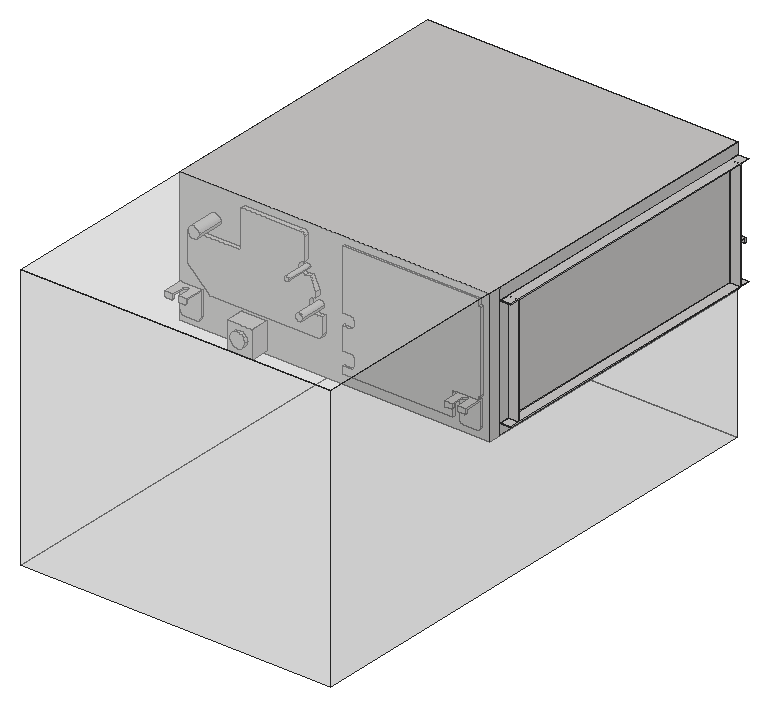
Revit family "outputfile", category 機械設備, Revit 2024
Family settings
  丸型コネクタ寸法 = 半径を使用
  パーツ タイプ = 標準
  OmniClass 番号 = 23.75.10.24.21.27.27
  OmniClass タイトル = Split System Air Conditioning Units
  作業面ベース = いいえ
  常に垂直 = はい
  ロード時にボイドで切り取り = いいえ
  注釈の向きを維持 = いいえ
  共有 = いいえ
  部屋計算ポイント = はい
Parameters (values of type "FXMQ80BFV24")
  Description = ""
  製造元 = "Daikin"
  書き出し IFC クラス(タイプ) = "IfcUnitaryEquipmentType"
  定義済み IFC タイプ(タイプ) = "AIRCONDITIONINGUNIT"
  Cost = 0
  モデル = "FXMQ80BFV24"
  Type Comments = ""
  Keynote = ""
  Type Image = (empty or 0)
  Assembly Code = ""
  w_dischargeflange = 505.0 mm
  w_suctionflange = 670.0 mm
  r_Liquid Pipe Size = Liquid Pipe Size / 2  # 4.75 mm
  r_Gas Pipe Size = Gas Pipe Size / 2  # 7.95 mm
  r_Drain Pipe Size = Drain Pipe Size / 2  # 12.5 mm
  lw_powersupply = 380.0 mm  # constant formula
  lw_mountinghole_pitch = 631.0 mm  # constant formula
  lw_mountinghole = 27.0 mm  # constant formula
  lw_maintenacesocket = 169.0 mm  # constant formula
  lw_liquidpipe = 290.0 mm  # constant formula
  lw_gaspipe = 318.0 mm  # constant formula
  lw_drainpipe = 80.0 mm  # constant formula
  lh_dischargeflange = 165.0 mm  # constant formula
  lh_powersupply = 56.0 mm  # constant formula
  lh_maintenacesocket = 40.0 mm  # constant formula
  lh_liquidpipe = 212.0 mm  # constant formula
  lh_gaspipe = 144.0 mm  # constant formula
  lh_drainpipe = 232.0 mm  # constant formula
  lh_suctionflange = 150.0 mm  # constant formula
  lh_antena = Height - lh_mountinghole + 1.0 mm  # 221.0 mm
  ld_dischargeflange = 285.0 mm
  ld_powersupply = Depth / 2  # 350.0 mm
  ld_mountinghole_pitch = 738.0 mm
  ld_suctionflange = 363.0 mm
  h_dischargeflange = 265.0 mm  # constant formula
  lh_mountinghole = 80.0 mm  # constant formula
  h_mountinghole = [h***] + lh_mountinghole  # 80.0 mm
  h_suctionflange = 297.0 mm  # constant formula
  h*** = 0.0 mm  # constant formula
  d_dischargeflange = 25.0 mm  # constant formula
  d_pipe = 60.0 mm
  d_suctionflange = 25.0 mm  # constant formula
  Width = 700.0 mm
  Voltage_comment_50Hz = "220-240"
  Voltage_50Hz = 230 V
  Version = "ver.1.0"
  Unit Type = "Outdoor Air Processing Unit"
  Unit Mass Weight = 28.00 kg
  Unit Designation [instance] = ""
  Uniclass2015Version = "Products v1.30"
  Uniclass2015Title = "Variable refrigerant flow units"
  Uniclass2015Code = "Pr_70_65_03_94"
  URL = ""
  Total Cooling Capacity [instance] = 0.000 kW
  Supply Air Direction [instance] = yes
  Sound Pressure Level_M speed (dBA) = 30
  Sound Pressure Level_L speed (dBA) = 23
  Sound Pressure Level_H speed (dBA) = 37.5
  Sound Power Level_H speed (dB) = 0
  Series = "VRV Fan Coil Unit"
  Sensible Cooling Capacity [instance] = 0.000 kW
  SA Duct Size Width = 460.0 mm
  SA Duct Size Height = 215.0 mm
  Refrigerant Type = "R410A"
  Power Input (Cooling) = 0.080 kW
  Phase_50Hz = 1
  Option Accessory 3 [instance] = ""
  Option Accessory 2 [instance] = ""
  Option Accessory 1 [instance] = ""
  OA Duct Size Width = 625.0 mm
  OA Duct Size Height = 247.0 mm
  Nominal Cooling Capacity = 9.000 kW
  Minimum External Static Pressure = 50.00 Pa
  Minimum Circuit Amps_50Hz = 1.38 A
  Minimum Airflow = 348.00 m³/h
  Median Airflow = 516.00 m³/h
  Maximum Fuse Amps_50Hz = 16.0 A
  Maximum External Static Pressure = 200.00 Pa
  Maximum Airflow = 690.00 m³/h
  Material_Casing = DAIKIN_GalvanizedSteel_Casing_indoorunit
  Load Classification = HVAC
  Liquid Pipe Size = 9.5 mm
  Link_Nested Family [instance] = ""
  IfcVersion = "0"
  IfcExportType = "AIRCONDITIONINGUNIT"
  IfcExportAs = "IfcUnitaryEquipmentType"
  Height = 300.0 mm
  Heat Exchanger Type = "Cross Fin Coil"
  Gas Pipe Size = 15.9 mm
  Frequency_50Hz = 50 Hz
  Fan Type = "Sirocco Fan"
  Fan Drive = "Direct Drive"
  FCU Tag No. [instance] = ""
  Drain Pipe Size = 25.0 mm
  Design Supply Airflow [instance] = 0.00 m³/h
  Design Outdoor Airflow [instance] = 0.00 m³/h
  Design External Static Pressure [instance] = 0.00 Pa
  Depth = 700.0 mm
  既定の高さ = 0.0 mm
  Cooling Entering Wet Bulb Temperature [instance] = 0.00 °C
  Cooling Entering Dry Bulb Temperature [instance] = 0.00 °C
  Cooling Ambient Wet Bulb Temperature [instance] = 0.00 °C
  Cooling Ambient Dry Bulb Temperature [instance] = 0.00 °C
  Clearance visibility [instance] = yes
  Clearance Top = 0.0 mm
  Clearance Right = 0.0 mm
  Clearance Rear = 0.0 mm
  Clearance Left = 0.0 mm
  Clearance Front = 450.0 mm
  Clearance Bottom = 300.0 mm
Reference planes
  plane 1 "Center (Front/Back)": y = 0
  plane 2: z = 0
  plane 3 "Center (Left/Right)": x = 0
  plane 4 "Back": y = 350
  plane 5 "Front": y = -350
  plane 6 "Left": x = -350
  plane 7 "Right": x = 350
  plane 8 "Top": z = 0
  plane 9 "Bottom": z = -300
  plane 10: y = 350
  plane 11: y = -800
  plane 12: x = 350
  plane 13: x = -350
  plane 14: z = 0
  plane 15: z = -600
  plane 16: y = -356
  plane 17: y = -360
  plane 18: y = -391
  plane 19: y = -399
  plane 20: y = -410
  plane 21 "ld_drainpipe": x = -270
  plane 22 "ld_liquidpipe": x = -60
  plane 23 "ld_gaspipe": x = -32
  plane 24 "lh_gaspipe": z = -156
  plane 25 "lh_drainpipe": z = -68
  plane 26 "lh_liquidpipe": z = -88
  plane 27 "h_mountinghole": z = -220
  plane 28: x = -323
  plane 29: x = 308
  plane 30: y = 369
  plane 31: y = -369
  plane 32 "lh_powersuply": z = -244
  plane 33 "ld_powersupply": x = 30
  plane 34 "lh_suctionflange": z = -150
  plane 35 "ld_suctionflange": y = 13
  plane 36 "ld_dischargeflange": y = 65
  plane 37 "lh_dischargeflange": z = -135
  plane 38 "lh_maintenacesocket": z = -260
  plane 39 "lw_maintenacesocket": x = -181
Forms (mm)
  Extrusion 1, solid, material "DAIKIN_GalvanizedSteel_Casing_indoorunit" <- "Material_Casing"
    sketch origin (0, 0, 0) x (1, 0, 0) y (0, 0, 1)
      loop
        line (-350, 0) -> (-350, -300) -> (350, -300) -> (350, 0) -> (-350, 0)
    from -350 to 350
  Extrusion 2, solid, material "DAIKIN_GalvanizedSteel_Casing_indoorunit" <- "Material_Casing"
    sketch origin (0, 0, 0) x (1, 0, 0) y (0, 0, 1)
      loop
        line (23.104, -151.299) -> (41.1, -151.326)
        arc (41.1, -151.326) -> (46.767, -153.673) -> (49.114, -159.34) r 8.015
        line (49.114, -159.34) -> (49.104, -169.302)
        arc (49.104, -169.302) -> (46.761, -174.959) -> (41.104, -177.302) r 8
        line (41.104, -177.302) -> (23.104, -177.302) -> (23.104, -227.302) -> (41.104, -227.302)
        arc (41.104, -227.302) -> (46.761, -229.645) -> (49.104, -235.302) r 8
        line (49.104, -235.302) -> (49.104, -251.302)
        arc (49.104, -251.302) -> (46.761, -256.959) -> (41.104, -259.302) r 8
        line (41.104, -259.302) -> (23.104, -259.302) -> (23.104, -274.802) -> (271.104, -274.802) -> (271.104, -224.802)
        arc (271.104, -224.802) -> (272.568, -221.266) -> (276.104, -219.802) r 5
        line (276.104, -219.802) -> (327.104, -219.802)
        spline (327.104, -219.802) -> (327.496, -219.776) -> (327.88, -219.7) -> (328.252, -219.574) -> (328.604, -219.4) -> (328.93, -219.182) -> (329.225, -218.923) -> (329.484, -218.628) -> (329.702, -218.302) -> (329.876, -217.95) -> (330.002, -217.578) -> (330.078, -217.194) -> (330.104, -216.802)
        line (330.104, -216.802) -> (330.104, -213) -> (332, -213)
        arc (332, -213) -> (334.121, -212.121) -> (335, -210) r 3
        line (335, -210) -> (335, -32)
        arc (335, -32) -> (334.121, -29.879) -> (332, -29) r 3
        line (332, -29) -> (330.104, -29) -> (330.104, -15.8) -> (23.104, -15.8) -> (23.104, -151.299)
    from 350 to 356
  Extrusion 3, solid, material "DAIKIN_GalvanizedSteel_Casing_indoorunit" <- "Material_Casing"
    sketch origin (0, 0, 0) x (1, 0, 0) y (0, 0, 1)
      loop
        line (-70, -15.8) -> (-201, -15.8)
        arc (-201, -15.8) -> (-203.121, -16.679) -> (-204, -18.8) r 3
        line (-204, -18.8) -> (-204, -102) -> (-321, -102)
        arc (-321, -102) -> (-323.121, -102.879) -> (-324, -105) r 3
        line (-324, -105) -> (-324, -167.757)
        arc (-324, -167.757) -> (-323.772, -168.905) -> (-323.121, -169.879) r 3
        line (-323.121, -169.879) -> (-274.879, -218.121)
        arc (-274.879, -218.121) -> (-273.905, -218.772) -> (-272.757, -219) r 3
        line (-272.757, -219) -> (-30, -219)
        arc (-30, -219) -> (-22.929, -216.071) -> (-20, -209) r 10
        line (-20, -209) -> (-20, -172.5) -> (-26.169, -172.5)
        arc (-26.169, -172.5) -> (-49.051, -159.94) -> (-34, -138.615) r 17.5
        line (-34, -138.615) -> (-34, -127.5) -> (-47, -100.5) -> (-56.429, -100.5)
        arc (-56.429, -100.5) -> (-72.874, -89.803) -> (-60, -75) r 13
        line (-60, -75) -> (-60, -25.8)
        arc (-60, -25.8) -> (-62.929, -18.729) -> (-70, -15.8) r 10
    from 360 to 350
  Extrusion 4, solid, material "DAIKIN_GalvanizedSteel_Casing_indoorunit" <- "Material_Casing"
    sketch origin (0, 0, 0) x (1, 0, 0) y (0, 0, 1)
      loop
        line (-209.102, -232.7) -> (-209.102, -292.398) -> (-152.898, -292.398) -> (-152.898, -232.7)
        arc (-152.898, -232.7) -> (-153.133, -232.133) -> (-153.7, -231.898) r 0.802
        line (-153.7, -231.898) -> (-208.298, -231.898)
        arc (-208.298, -231.898) -> (-208.865, -232.133) -> (-209.102, -232.7) r 0.802
    from 350 to 391
  Extrusion 5, solid, material "DAIKIN_GalvanizedSteel_Casing_indoorunit" <- "Material_Casing"
    sketch origin (0, 0, 0) x (1, 0, 0) y (0, 0, 1)
      loop
        circle (-181, -260) r 16.5
    from 391 to 399
  Extrusion 6, solid, material "DAIKIN_GalvanizedSteel_Casing_indoorunit" <- "Material_Casing"
    sketch origin (0, 0, 0) x (1, 0, 0) y (0, 0, 1)
      loop
        circle (-270, -68) r 12.5
      loop
        circle (-60, -88) r 4.75
      loop
        circle (-32, -156) r 7.95
    from 350 to 410
Dimensions and locks
  "Height": plane 8 "Top" to plane 9 "Bottom"
  equal spacing: plane 6 "Left", plane 3 "Center (Left/Right)", plane 7 "Right", locked at 350 each
  "Width": plane 6 "Left" to plane 7 "Right"
  equal spacing: plane 4 "Back", plane 1 "Center (Front/Back)", plane 5 "Front"
  "Depth": plane 4 "Back" to plane 5 "Front"
  "Clearance Left": plane 13 to plane 6 "Left"
  "Clearance Right": plane 7 "Right" to plane 12
  "Clearance Rear": plane 10 to plane 4 "Back"
  "Clearance Front": plane 5 "Front" to plane 11
  "Clearance Top": plane 14 to plane 8 "Top"
  "Clearance Bottom": plane 9 "Bottom" to plane 15
  Extrusion 2 sketch curve to Extrusion 2 sketch curve to Extrusion 2 sketch curve = 307.0 mm locked, 4.896 mm locked
  Extrusion 2 sketch curve to Extrusion 2 sketch curve to Extrusion 2 sketch curve to Extrusion 2 sketch curve to Extrusion 2 sketch curve = 26.0 mm locked, 222.0 mm locked, 59.0 mm locked, 4.896 mm locked
  locked: Extrusion 2 sketch curve to Extrusion 2 sketch curve at 26.01
  locked: Extrusion 2 sketch curve to nested 1 at 23.104
  locked: Extrusion 2 sketch curve to plane 3 "Center (Left/Right)" at 23.104
  plane 3 "Center (Left/Right)" to Extrusion 2 sketch curve = 23.104 mm
  Extrusion 2 sketch curve to Extrusion 2 sketch curve to Extrusion 2 sketch curve to Extrusion 2 sketch curve to Extrusion 2 sketch curve = 161.502 mm locked, 50.0 mm locked, 32.0 mm locked, 15.5 mm locked
  locked: Extrusion 2 sketch curve to Extrusion 2 sketch curve at 68.127
  locked: Extrusion 2 sketch curve to Extrusion 2 sketch curve at 13.2
  locked: Extrusion 2 sketch curve to Extrusion 2 sketch curve at 6.802
  locked: Extrusion 2 sketch curve to Extrusion 2 sketch curve at 55
  locked: plane 5 "Front" to plane 16 at 6
  locked: plane 5 "Front" to plane 17 at 10
  locked: plane 5 "Front" to plane 18 at 41
  "d_pipe": plane 5 "Front" to plane 20
  "lw_drainpipe": plane 6 "Left" to plane 21 "ld_drainpipe"
  "lw_liquidpipe": plane 6 "Left" to plane 22 "ld_liquidpipe"
  "lw_gaspipe": plane 6 "Left" to plane 23 "ld_gaspipe"
  "lh_gaspipe": plane 24 "lh_gaspipe" to plane 9 "Bottom"
  "lh_liquidpipe": plane 26 "lh_liquidpipe" to plane 9 "Bottom"
  "lh_drainpipe": plane 25 "lh_drainpipe" to plane 9 "Bottom"
  "lh_mountinghole": plane 27 "h_mountinghole" to plane 9 "Bottom"
  "lw_mountinghole": plane 6 "Left" to plane 28
  "lw_mountinghole_pitch": plane 28 to plane 29
  equal spacing: plane 30, plane 1 "Center (Front/Back)", plane 31
  "ld_mountinghole_pitch": plane 30 to plane 31
  locked: Extrusion 3 sketch curve to plane 6 "Left" at 146
  locked: Extrusion 3 sketch curve to plane 6 "Left" at 290
  locked: plane 6 "Left" to Extrusion 3 sketch curve at 26
  locked: Extrusion 3 sketch curve to plane 6 "Left" at 316
  locked: Extrusion 3 sketch curve to plane 6 "Left" at 330
  locked: Extrusion 3 sketch curve to plane 9 "Bottom" at 81
  locked: Extrusion 3 sketch curve to plane 9 "Bottom" at 284.2
  locked: Extrusion 3 sketch curve to plane 9 "Bottom" at 199.5
  locked: Extrusion 3 sketch curve to plane 9 "Bottom" at 127.5
  locked: Extrusion 3 sketch curve to plane 9 "Bottom" at 198
  "lh_powersupply": plane 32 "lh_powersuply" to plane 9 "Bottom"
  "lw_powersupply": plane 6 "Left" to plane 33 "ld_powersupply"
  "lh_suctionflange": plane 34 "lh_suctionflange" to plane 9 "Bottom"
  "ld_suctionflange": plane 35 "ld_suctionflange" to plane 5 "Front"
  "ld_dischargeflange": plane 4 "Back" to plane 36 "ld_dischargeflange"
  "lh_dischargeflange": plane 37 "lh_dischargeflange" to plane 9 "Bottom"
  locked: plane 5 "Front" to plane 19 at 49
  "lh_maintenacesocket": plane 38 "lh_maintenacesocket" to plane 9 "Bottom"
  "lw_maintenacesocket": plane 6 "Left" to plane 39 "lw_maintenacesocket"
  equal spacing: Extrusion 4 sketch curve, plane 39 "lw_maintenacesocket", Extrusion 4 sketch curve
  locked: Extrusion 4 sketch curve to Extrusion 4 sketch curve at 56.204
  Extrusion 4 sketch curve to plane 38 "lh_maintenacesocket" to Extrusion 4 sketch curve = 28.102 mm locked, 32.398 mm locked
  "r_Drain Pipe Size": radius of Extrusion 6 sketch curve
  "r_Liquid Pipe Size": radius of Extrusion 6 sketch curve
  "r_Gas Pipe Size": radius of Extrusion 6 sketch curve
  aligned and locked: level to plane 2
  aligned and locked: Extrusion 1 sketch curve to plane 8 "Top"
  aligned and locked: plane 6 "Left" to Extrusion 1 sketch curve
  aligned and locked: plane 9 "Bottom" to Extrusion 1 sketch curve
  aligned and locked: Extrusion 1 sketch curve to plane 7 "Right"
  aligned and locked: plane 4 "Back" to Extrusion 1
  aligned and locked: Extrusion 1 to plane 5 "Front"
  aligned and locked: plane 10 to nested 1
  aligned and locked: plane 11 to nested 1
  aligned and locked: plane 12 to nested 1
  aligned and locked: nested 1 to plane 13
  aligned and locked: plane 15 to nested 1
  aligned and locked: plane 14 to nested 1
  aligned and locked: Extrusion 2 to plane 16
  aligned and locked: plane 5 "Front" to Extrusion 2
  aligned and locked: Extrusion 4 to plane 18
  aligned and locked: plane 5 "Front" to Extrusion 4
  aligned and locked: Extrusion 5 to plane 19
  aligned and locked: plane 18 to Extrusion 5
  aligned and locked: plane 25 "lh_drainpipe" to Extrusion 6 sketch curve
  aligned and locked: plane 21 "ld_drainpipe" to Extrusion 6 sketch curve
  aligned and locked: plane 26 "lh_liquidpipe" to Extrusion 6 sketch curve
  aligned and locked: plane 22 "ld_liquidpipe" to Extrusion 6 sketch curve
  aligned and locked: plane 23 "ld_gaspipe" to Extrusion 6 sketch curve
  aligned and locked: plane 24 "lh_gaspipe" to Extrusion 6 sketch curve
  aligned and locked: Extrusion 6 to plane 20
  aligned and locked: plane 5 "Front" to Extrusion 6
  aligned and locked: nested 2 to plane 5 "Front"
  aligned and locked: nested 2 to plane 21 "ld_drainpipe"
  aligned and locked: plane 25 "lh_drainpipe" to nested 2
  aligned and locked: nested 3 to plane 5 "Front"
  aligned and locked: nested 4 to plane 5 "Front"
  aligned and locked: plane 26 "lh_liquidpipe" to nested 3
  aligned and locked: plane 24 "lh_gaspipe" to nested 4
  aligned and locked: plane 29 to nested 5
  aligned and locked: plane 4 "Back" to nested 5
  aligned and locked: plane 27 "h_mountinghole" to nested 5
  aligned and locked: plane 28 to nested 6
  aligned and locked: plane 4 "Back" to nested 6
  aligned and locked: plane 27 "h_mountinghole" to nested 6
  aligned and locked: nested 7 to plane 29
  aligned and locked: plane 5 "Front" to nested 7
  aligned and locked: plane 5 "Front" to nested 8
  aligned and locked: nested 8 to plane 28
  aligned and locked: nested 7 to plane 27 "h_mountinghole"
  aligned and locked: nested 8 to plane 27 "h_mountinghole"
  aligned and locked: Extrusion 3 to plane 17
  aligned and locked: plane 5 "Front" to Extrusion 3
  aligned and locked: nested 11 to plane 28
  aligned and locked: nested 11 to plane 30
  aligned and locked: nested 12 to plane 29
  aligned and locked: nested 12 to plane 30
  aligned and locked: nested 9 to plane 29
  aligned and locked: plane 31 to nested 9
  aligned and locked: nested 10 to plane 28
  aligned and locked: plane 31 to nested 10
  aligned and locked: nested 13 to plane 32 "lh_powersuply"
  aligned and locked: plane 1 "Center (Front/Back)" to nested 14
  aligned and locked: nested 14 to plane 3 "Center (Left/Right)"
  aligned and locked: plane 34 "lh_suctionflange" to nested 15
  aligned and locked: plane 7 "Right" to nested 15
  aligned and locked: plane 35 "ld_suctionflange" to nested 15
  aligned and locked: nested 16 to plane 36 "ld_dischargeflange"
  aligned and locked: nested 16 to plane 6 "Left"
  aligned and locked: plane 37 "lh_dischargeflange" to nested 16
  aligned and locked: nested 17 to plane 6 "Left"
  aligned and locked: nested 17 to plane 36 "ld_dischargeflange"
  aligned and locked: plane 7 "Right" to nested 18
  aligned and locked: plane 35 "ld_suctionflange" to nested 18
  aligned and locked: nested 18 to plane 34 "lh_suctionflange"
  aligned and locked: nested 17 to plane 37 "lh_dischargeflange"
  aligned and locked: plane 38 "lh_maintenacesocket" to Extrusion 5 sketch curve
  aligned and locked: plane 39 "lw_maintenacesocket" to Extrusion 5 sketch curve
  aligned and locked: nested 3 to plane 22 "ld_liquidpipe"
  aligned and locked: nested 4 to plane 23 "ld_gaspipe"
  aligned and locked: nested 13 to plane 33 "ld_powersupply"
  aligned and locked: level to plane 8 "Top"
Automatic sketch dimensions
  Extrusion 2 sketch curve to Extrusion 2 sketch curve = 0.027 mm
  Extrusion 2 sketch curve to Extrusion 2 sketch curve = 8.015 mm
  Extrusion 2 sketch curve to Extrusion 2 sketch curve = 8.01 mm
  Extrusion 2 sketch curve to Extrusion 2 sketch curve = 0.0 mm  (x4)
  Extrusion 2 sketch curve to Extrusion 2 sketch curve = 8.0 mm  (x3)
  Extrusion 2 sketch curve to Extrusion 2 sketch curve = 5.0 mm
  Extrusion 2 sketch curve to Extrusion 2 sketch curve = 3.0 mm  (x2)
  Extrusion 2 sketch curve to Extrusion 2 sketch curve = 1.896 mm  (x2)
  Extrusion 2 sketch curve to plane 8 "Top" = 15.8 mm
  Extrusion 4 sketch curve to Extrusion 4 sketch curve = 0.804 mm
  Extrusion 4 sketch curve to Extrusion 4 sketch curve = 0.802 mm  (x2)
  Extrusion 4 sketch curve to Extrusion 4 sketch curve = 0.0 mm
  plane 23 "ld_gaspipe" to Extrusion 3 sketch curve = 0.0 mm
  Extrusion 3 sketch curve to plane 24 "lh_gaspipe" = 0.0 mm
  Extrusion 3 sketch curve to plane 26 "lh_liquidpipe" = 0.0 mm
  plane 28 to Extrusion 3 sketch curve = 0.121 mm
  Extrusion 3 sketch curve to plane 28 = 2.0 mm  (x2)
  plane 21 "ld_drainpipe" to Extrusion 3 sketch curve = 4.879 mm
  plane 21 "ld_drainpipe" to Extrusion 3 sketch curve = 2.757 mm
  Extrusion 3 sketch curve to Extrusion 3 sketch curve = 3.0 mm  (x2)
  plane 22 "ld_liquidpipe" to Extrusion 3 sketch curve = 10.0 mm
  Extrusion 3 sketch curve to plane 22 "ld_liquidpipe" = 3.571 mm
  Extrusion 3 sketch curve to Extrusion 3 sketch curve = 9.429 mm
  Extrusion 3 sketch curve to plane 23 "ld_gaspipe" = 2.0 mm
  Extrusion 3 sketch curve to plane 23 "ld_gaspipe" = 5.831 mm
  Extrusion 3 sketch curve to plane 24 "lh_gaspipe" = 11.757 mm
  Extrusion 3 sketch curve to Extrusion 3 sketch curve = 11.115 mm
  radius of Extrusion 5 sketch curve = 16.5 mm
Nested families
  nested 1: "daikin_clearancespace" at (0, -225, -299.881), visible <- "Clearance visibility", show <- "Clearance visibility", Link_Nested Family <- "Link_Nested Family", type "daikin_clearancespace"
    with width 700.0 mm, show yes, height 600.0 mm, depth 1150.0 mm, Link_Nested Family ""
  nested 2: "daikin_connector_rotate2" at (-270, -350, -68), length <- "d_pipe", radius <- "r_Drain Pipe Size", type "daikin_connector_rotate2"
    with radius 12.5 mm, length 60.0 mm, angle_vertical 90.00°, show_face no
  nested 3: "daikin_connector_rotate2" at (-60, -350, -88), length <- "d_pipe", radius <- "r_Liquid Pipe Size", type "daikin_connector_rotate2"
    with radius 4.75 mm, length 60.0 mm, angle_vertical 90.00°, show_face no
  nested 4: "daikin_connector_rotate2" at (-32, -350, -156), length <- "d_pipe", radius <- "r_Gas Pipe Size", type "daikin_connector_rotate2"
    with radius 7.95 mm, length 60.0 mm, angle_vertical 90.00°, show_face no
  nested 5: "daikin_hangerfixture_FXMQ-BFV24" at (308, 350, -220) x (-1, 0, 0) z (0, 0, 1), type "daikin_hangerfixture_FXMQ-BFV24"
  nested 6: "daikin_hangerfixture_FXMQ-BFV24" at (-323, 350, -220) x (-1, 0, 0) z (0, 0, 1), type "daikin_hangerfixture_FXMQ-BFV24"
  nested 7: "daikin_hangerfixture_FXMQ-BFV24" at (308, -350, -220) x (-1, 0, 0) z (0, 0, 1), type "daikin_hangerfixture_FXMQ-BFV24"
  nested 8: "daikin_hangerfixture_FXMQ-BFV24" at (-323, -350, -220) x (-1, 0, 0) z (0, 0, 1), type "daikin_hangerfixture_FXMQ-BFV24"
  nested 9: "daikin_mountinghole" at (308, -369, -300), Link_Nested Family <- "Link_Nested Family", l_antenna <- "lh_antena", h_mountinghole <- "h_mountinghole", type "daikin_mountinghole"
    with show yes, l_antenna 221.0 mm, h_mountinghole 80.0 mm, Link_Nested Family ""
  nested 10: "daikin_mountinghole" at (-323, -369, -300), Link_Nested Family <- "Link_Nested Family", l_antenna <- "lh_antena", h_mountinghole <- "h_mountinghole", type "daikin_mountinghole"
    with show yes, l_antenna 221.0 mm, h_mountinghole 80.0 mm, Link_Nested Family ""
  nested 11: "daikin_mountinghole" at (-323, 369, -300), Link_Nested Family <- "Link_Nested Family", l_antenna <- "lh_antena", h_mountinghole <- "h_mountinghole", type "daikin_mountinghole"
    with show yes, l_antenna 221.0 mm, h_mountinghole 80.0 mm, Link_Nested Family ""
  nested 12: "daikin_mountinghole" at (308, 369, -300), Link_Nested Family <- "Link_Nested Family", l_antenna <- "lh_antena", h_mountinghole <- "h_mountinghole", type "daikin_mountinghole"
    with show yes, l_antenna 221.0 mm, h_mountinghole 80.0 mm, Link_Nested Family ""
  nested 13: "daikin_connector_rotate2" at (30, 0, -244), length <- "ld_powersupply", type "daikin_connector_rotate2"
    with radius 10.0 mm, length 350.0 mm, angle_vertical 90.00°, show_face no
  nested 14: "daikin_△_symbolicline" at (0, 0, 300) x (0, -1, 0) z (0, 0, 1), visible <- "Supply Air Direction", built-in parameter 1001364 <- "Height", type "daikin_△_symbolicline"
    with length 300.0 mm
  nested 15: "daikin_ductflange_FXMQ-BFV24" at (350, 13, -298.5) x (0, 1, 0) z (0, 0, 1), depth <- "d_suctionflange", height <- "h_suctionflange", width <- "w_suctionflange", material <- "Material_Casing", type "daikin_ductflange_FXMQ-BFV24"
    with width 670.0 mm, top1 25.0 mm, right1 22.5 mm, material DAIKIN_GalvanizedSteel_Casing_indoorunit, left1 22.5 mm, height 297.0 mm, depth 25.0 mm, Bottom1 25.0 mm
  nested 16: "daikin_ductflange_FXMQ-BFV24" at (-350, 65, -267.5) x (0, -1, 0) z (0, 0, 1), material <- "Material_Casing", depth <- "d_dischargeflange", height <- "h_dischargeflange", width <- "w_dischargeflange", type "daikin_ductflange_FXMQ-BFV24"
    with width 505.0 mm, top1 25.0 mm, right1 22.5 mm, material DAIKIN_GalvanizedSteel_Casing_indoorunit, left1 22.5 mm, height 265.0 mm, depth 25.0 mm, Bottom1 25.0 mm
  nested 17: "daikin_connector_rotate2" at (-350, 65, -135) x (0, -1, 0) z (0, 0, 1), length <- "d_dischargeflange", type "daikin_connector_rotate2"
    with radius 10.0 mm, length 25.0 mm, angle_vertical 90.00°, show_face no
  nested 18: "daikin_connector_rotate2" at (350, 13, -150) x (0, 1, 0) z (0, 0, 1), length <- "d_suctionflange", type "daikin_connector_rotate2"
    with radius 10.0 mm, length 25.0 mm, angle_vertical 90.00°, show_face no
Connectors
  piping at (-270, -410, -68), diameter 25, driven by "r_Drain Pipe Size"
    settings: on nested 2, index 1, connector inside diameter 609.6 mm, connector length 0.0 mm, flow factor 0, pipe flow 0.00 m³/h, pressure drop 0.0 Pa, fitting loss kfactor 0, connector angle 0.00°, fixture units 0, engagement length 0.0 mm, angle of deflection 0.00°, flow configuration 1, flow direction 2, fitting loss method 4, system type 16, joint type 0, gender type 0, connector reference index -1, connector utility 0, adjustable connector no, is connector primary yes, connector description "Condensate Drain Piping"
  piping at (-60, -410, -88), diameter 9.5, driven by "r_Liquid Pipe Size"
    settings: on nested 3, index 2, connector inside diameter 609.6 mm, connector length 0.0 mm, flow factor 0, pipe flow 0.00 m³/h, pressure drop 0.0 Pa, fitting loss kfactor 0, connector angle 0.00°, fixture units 0, engagement length 0.0 mm, angle of deflection 0.00°, flow configuration 1, flow direction 1, fitting loss method 0, system type 29, joint type 0, gender type 0, connector reference index -1, connector utility 0, adjustable connector no, is connector primary no, connector description "Refrigerant Liquid Piping"
  piping at (-32, -410, -156), diameter 15.9, driven by "r_Gas Pipe Size"
    settings: on nested 4, index 3, connector inside diameter 609.6 mm, connector length 0.0 mm, flow factor 0, pipe flow 0.00 m³/h, pressure drop 0.0 Pa, fitting loss kfactor 0, connector angle 0.00°, fixture units 0, engagement length 0.0 mm, angle of deflection 0.00°, flow configuration 1, flow direction 2, fitting loss method 0, system type 29, joint type 0, gender type 0, connector reference index -1, connector utility 0, adjustable connector no, is connector primary no, connector description "Refrigerant Gas Piping"
  electrical at (30, -350, -244), driven by "Load Classification"
    settings: on nested 13, index 4, voltage 0 V, apparent load 0 VA, apparent load phase1 0 VA, apparent load phase2 0 VA, apparent load phase3 0 VA, power factor 1, load classification "HVAC", number of poles 1, system type 30, power factor state 1, is connector primary yes, connector utility no, sub classification motor no, connector description "Power Supply"
  hvac at (375, 13, -150), driven by "OA Duct Size Height", driven by "OA Duct Size Width"
    settings: on nested 15, index 5, duct flow 0.00 m³/h, flow factor 0, pres drop 0.00 Pa, loss coef 0, conn angle 0.00°, conn width 625.0 mm, conn height 247.0 mm, conn diameter 609.6 mm, duct sys type 1, conn prof type 1, flow config 0, flow direction 1, loss method 4, conn ref index -1, conn util no, is conn primary no, conn desc "OA Duct"
  hvac at (-375, 65, -135), driven by "SA Duct Size Height", driven by "SA Duct Size Width"
    settings: on nested 16, index 6, duct flow 0.00 m³/h, flow factor 0, pres drop 0.00 Pa, loss coef 0, conn angle 0.00°, conn width 460.0 mm, conn height 215.0 mm, conn diameter 609.6 mm, duct sys type 1, conn prof type 1, flow config 0, flow direction 2, loss method 4, conn ref index -1, conn util no, is conn primary yes, conn desc "SA Duct"
Definition of nested family "daikin_clearancespace"
  Parameters (values of type "daikin_clearancespace")
    width [instance] = 1823.963 mm
    show [instance] = yes
    material = none
    height [instance] = 1359.762 mm
    depth [instance] = 880.0 mm
    Default Elevation = 0.0 mm
    Link_Nested Family [instance] = ""
  Reference planes
    plane 1 "Center (Front/Back)": y = 0
    plane 2 "Center (Elevation)": z = -0.119
    plane 3 "Center (Left/Right)": x = 0
    plane 4: y = 440
    plane 5: y = -440
    plane 6 "Right": x = 911.982
    plane 7 "Left": x = -911.982
    plane 8 "Top": z = 679.762
    plane 9 "Bottom": z = -680
  Forms (mm)
    Extrusion 1, solid, material <- "material", visible <- "show"
      sketch origin (0, 0, 0) x (1, 0, 0) y (0, 1, 0)
        loop
          line (-911.982, 440) -> (-911.982, -440) -> (911.982, -440) -> (911.982, 440) -> (-911.982, 440)
      from -680 to 679.762
  Lines and regions (mm)
    symbolic lines, visible <- "show"
      curve 1: line (911.982, 440, 0) -> (-911.982, 440, 0)
      curve 2: line (-911.982, 440, 0) -> (-911.982, -440, 0)
      curve 3: line (-911.982, -440, 0) -> (911.982, -440, 0)
      curve 4: line (911.982, -440, 0) -> (911.982, 440, 0)
      curve 5: line (911.982, 0, 679.762) -> (-911.982, 0, 679.762)
      curve 6: line (911.982, 0, -680) -> (911.982, 0, 679.762)
      curve 7: line (-911.982, 0, -680) -> (911.982, 0, -680)
      curve 8: line (-911.982, 0, 679.762) -> (-911.982, 0, -680)
      curve 9: line (0, 440, 679.762) -> (0, -440, 679.762)
      curve 10: line (0, -440, 679.762) -> (0, -440, -680)
      curve 11: line (0, 440, -680) -> (0, 440, 679.762)
      curve 12: line (0, -440, -680) -> (0, 440, -680)
  Dimensions and locks
    "width": plane 7 "Left" to plane 6 "Right"
    "depth": plane 4 to plane 5
    "height": plane 8 "Top" to plane 9 "Bottom"
    equal spacing: plane 7 "Left", plane 3 "Center (Left/Right)", plane 6 "Right"
    equal spacing: plane 4, plane 1 "Center (Front/Back)", plane 5
    equal spacing: plane 8 "Top", plane 2 "Center (Elevation)", plane 9 "Bottom"
    aligned and locked: level to plane 2 "Center (Elevation)"
    aligned and locked: Extrusion 1 sketch curve to plane 4
    aligned and locked: plane 7 "Left" to Extrusion 1 sketch curve
    aligned and locked: Extrusion 1 sketch curve to plane 5
    aligned and locked: Extrusion 1 sketch curve to plane 6 "Right"
    aligned and locked: plane 8 "Top" to Extrusion 1
    aligned and locked: curve 1 to Extrusion 1
    aligned and locked: curve 2 to Extrusion 1
    aligned and locked: curve 3 to Extrusion 1
    aligned and locked: curve 4 to Extrusion 1
    aligned and locked: curve 5 to Extrusion 1
    aligned and locked: curve 6 to Extrusion 1
    aligned and locked: curve 7 to Extrusion 1
    aligned and locked: curve 8 to Extrusion 1
    aligned and locked: curve 9 to Extrusion 1
    aligned and locked: curve 10 to Extrusion 1
    aligned and locked: curve 11 to Extrusion 1
    aligned and locked: curve 12 to Extrusion 1
    aligned and locked: Extrusion 1 to plane 9 "Bottom"
Definition of nested family "daikin_hangerfixture_FXMQ-BFV24"
  Parameters (values of type "daikin_hangerfixture_CeilingMountedDuct")
    width = 48.0 mm
    material = none
    height = 65.0 mm
    depth = 45.0 mm
    Default Elevation = 0.0 mm
  Reference planes
    plane 1 "Center (Front/Back)": y = 0
    plane 2: z = 0
    plane 3 "Center (Left/Right)": x = 0
    plane 4: y = 417.146
    plane 5: y = -45
    plane 6: x = -24
    plane 7: x = 24
    plane 8: z = -2.3
    plane 9: z = -65
    plane 10: y = -2.3
    plane 11: z = -12
    plane 12: y = -42.7
  Forms (mm)
    Extrusion 1, solid, material <- "material"
      sketch origin (0, 0, 0) x (1, 0, 0) y (0, 1, 0)
        loop
          line (24, 0) -> (-24, 0) -> (-24, -45) -> (-6, -45) -> (-6, -19)
          arc (-6, -19) -> (0, -13) -> (6, -19) r 6
          line (6, -19) -> (6, -45) -> (24, -45) -> (24, 0)
      from 0 to -2.3
    Extrusion 2, solid, material <- "material"
      sketch origin (0, 0, 0) x (1, 0, 0) y (0, 0, 1)
        loop
          line (24, -55) -> (24, 0) -> (-24, 0) -> (-24, -55)
          arc (-24, -55) -> (-21.071, -62.071) -> (-14, -65) r 10
          line (-14, -65) -> (14, -65)
          arc (14, -65) -> (21.071, -62.071) -> (24, -55) r 10
      from 0 to 2.3
    Extrusion 3, solid, material <- "material"
      sketch origin (0, 0, 0) x (1, 0, 0) y (0, 0, 1)
        loop
          line (-6, -9) -> (-6, 0) -> (-24, 0) -> (-24, -9)
          arc (-24, -9) -> (-23.121, -11.121) -> (-21, -12) r 3
          line (-21, -12) -> (-9, -12)
          arc (-9, -12) -> (-6.879, -11.121) -> (-6, -9) r 3
        loop
          line (6, 0) -> (6, -9)
          arc (6, -9) -> (6.879, -11.121) -> (9, -12) r 3
          line (9, -12) -> (21, -12)
          arc (21, -12) -> (23.121, -11.121) -> (24, -9) r 3
          line (24, -9) -> (24, 0) -> (6, 0)
      from 42.7 to 45
  Cuts and joins
    joined: Extrusion 1, Extrusion 2, Extrusion 3
  Dimensions and locks
    "width": plane 6 to plane 7
    "depth": plane 5 to plane 1 "Center (Front/Back)"
    plane 2 to plane 8 = 2.3 mm
    "height": plane 2 to plane 9
    locked: plane 10 to plane 1 "Center (Front/Back)" at 2.3
    locked: plane 2 to plane 11 at 12
    locked: plane 12 to plane 5 at 2.3
    aligned and locked: level to plane 2
    aligned and locked: Extrusion 1 sketch curve to plane 1 "Center (Front/Back)"
    aligned and locked: plane 7 to Extrusion 1
    aligned and locked: Extrusion 1 to plane 6
    aligned and locked: Extrusion 1 to plane 5  (x2)
    aligned and locked: Extrusion 1 to plane 8
    aligned and locked: plane 2 to Extrusion 1
    aligned and locked: plane 2 to Extrusion 2 sketch curve
    aligned and locked: Extrusion 2 to plane 9
    aligned and locked: Extrusion 2 to plane 10
    aligned and locked: Extrusion 2 to plane 1 "Center (Front/Back)"
    aligned and locked: plane 2 to Extrusion 3 sketch curve  (x2)
    aligned and locked: Extrusion 3 to plane 11  (x2)
    aligned and locked: plane 12 to Extrusion 3
    aligned and locked: Extrusion 3 to plane 5
  Automatic sketch dimensions
    Extrusion 1 sketch curve to plane 6 = 0.0 mm
    Extrusion 1 sketch curve to plane 5 = 0.0 mm  (x2)
    Extrusion 1 sketch curve to plane 3 "Center (Left/Right)" = 0.0 mm
    Extrusion 1 sketch curve to plane 7 = 0.0 mm
    Extrusion 1 sketch curve to plane 3 "Center (Left/Right)" = 6.0 mm
    plane 1 "Center (Front/Back)" to Extrusion 1 sketch curve = 19.0 mm
    Extrusion 2 sketch curve to plane 7 = 0.0 mm
    Extrusion 2 sketch curve to plane 7 = 10.0 mm
    Extrusion 2 sketch curve to plane 8 = 52.7 mm
    plane 6 to Extrusion 2 sketch curve = 10.0 mm
    Extrusion 2 sketch curve to plane 6 = 0.0 mm
    Extrusion 3 sketch curve to plane 6 = 0.0 mm
    Extrusion 3 sketch curve to plane 7 = 0.0 mm
    Extrusion 3 sketch curve to Extrusion 3 sketch curve = 3.0 mm  (x2)
    Extrusion 3 sketch curve to plane 8 = 6.7 mm
    Extrusion 3 sketch curve to plane 3 "Center (Left/Right)" = 9.0 mm
    Extrusion 3 sketch curve to plane 3 "Center (Left/Right)" = 6.0 mm
    plane 3 "Center (Left/Right)" to Extrusion 3 sketch curve = 6.0 mm
    Extrusion 3 sketch curve to plane 7 = 3.0 mm
    Extrusion 3 sketch curve to plane 8 = 9.7 mm
Definition of nested family "daikin_ductflange_FXMQ-BFV24"
  Parameters (values of type "daikin_ductflange_CeilingMountedDuct")
    width [instance] = 670.0 mm
    right1 [instance] = 22.5 mm
    left1 [instance] = 22.5 mm
    Bottom1 [instance] = 25.0 mm
    material [instance] = none
    height [instance] = 272.0 mm
    depth [instance] = 25.0 mm
    top1 [instance] = 25.0 mm
    Default Elevation = 0.0 mm
  Reference planes
    plane 1 "Center (Front/Back)": y = 0
    plane 2: z = 0
    plane 3 "Center (Left/Right)": x = 0
    plane 4: y = -25
    plane 5: x = -335
    plane 6: x = 335
    plane 7 "Top": z = 272
    plane 8: y = -1
    plane 9: x = -312.5
    plane 10: x = 312.5
    plane 11: z = 247
    plane 12: z = 25
    plane 13 "Center (Elevation)": z = 136
  Forms (mm)
    Extrusion 1, solid, material <- "material"
      sketch origin (0, 0, 0) x (1, 0, 0) y (0, 0, 1)
        loop
          line (-335, 272) -> (-335, 0) -> (335, 0) -> (335, 272) -> (-335, 272)
        loop
          line (-312.5, 247) -> (-312.5, 25) -> (312.5, 25) -> (312.5, 247) -> (-312.5, 247)
      from 0 to 1
    Extrusion 2, solid, material <- "material"
      sketch origin (0, 0, 0) x (1, 0, 0) y (0, 1, 0)
        loop
          line (-312.5, -1) -> (-313.496, -1) -> (-313.496, -25) -> (-312.5, -25) -> (-312.5, -1)
        loop
          line (312.5, -1) -> (312.5, -25) -> (313.496, -25) -> (313.496, -1) -> (312.5, -1)
      from 25 to 247
    Extrusion 3, solid, material <- "material"
      sketch origin (0, 0, 0) x (0, 1, 0) y (0, 0, 1)
        loop
          line (-1, 247) -> (-1, 247.958) -> (-25, 247.958) -> (-25, 247) -> (-1, 247)
        loop
          line (-1, 25) -> (-25, 25) -> (-25, 24.042) -> (-1, 24.042) -> (-1, 25)
      from -335 to 335
  Cuts and joins
    joined: Extrusion 1, Extrusion 2, Extrusion 3
  Dimensions and locks
    "height": plane 7 "Top" to plane 2
    "width": plane 5 to plane 6
    equal spacing: plane 5, plane 3 "Center (Left/Right)", plane 6
    "depth": plane 1 "Center (Front/Back)" to plane 4
    locked: plane 8 to plane 1 "Center (Front/Back)" at 1
    "left1": plane 5 to plane 9
    "right1": plane 10 to plane 6
    locked: Extrusion 2 sketch curve to Extrusion 2 sketch curve at 0.996  (x2)
    "top1": plane 7 "Top" to plane 11
    "Bottom1": plane 12 to plane 2
    equal spacing: plane 7 "Top", plane 13 "Center (Elevation)", plane 2
    locked: Extrusion 3 sketch curve to Extrusion 2 at 0.958  (x2)
    aligned and locked: level to plane 2
    aligned and locked: Extrusion 1 sketch curve to plane 7 "Top"
    aligned and locked: plane 5 to Extrusion 1 sketch curve
    aligned and locked: Extrusion 1 sketch curve to plane 6
    aligned and locked: plane 2 to Extrusion 1 sketch curve
    aligned and locked: Extrusion 1 to plane 8
    aligned and locked: Extrusion 2 sketch curve to plane 8
    aligned and locked: Extrusion 2 sketch curve to plane 9
    aligned and locked: plane 8 to Extrusion 2 sketch curve
    aligned and locked: Extrusion 2 sketch curve to plane 10
    aligned and locked: plane 11 to Extrusion 2
    aligned and locked: Extrusion 2 to plane 12
    aligned and locked: plane 8 to Extrusion 3 sketch curve
    aligned and locked: Extrusion 3 sketch curve to plane 11
    aligned and locked: Extrusion 3 sketch curve to plane 8
    aligned and locked: Extrusion 3 sketch curve to plane 12
    aligned and locked: Extrusion 3 to plane 5
    aligned and locked: plane 6 to Extrusion 3
    aligned and locked: plane 4 to Extrusion 2 sketch curve
    aligned and locked: Extrusion 2 sketch curve to plane 4
    aligned and locked: plane 4 to Extrusion 3 sketch curve
    aligned and locked: Extrusion 3 sketch curve to plane 4
    aligned and locked: plane 9 to Extrusion 1 sketch curve
    aligned and locked: Extrusion 1 sketch curve to plane 10
    aligned and locked: plane 12 to Extrusion 1 sketch curve
    aligned and locked: Extrusion 1 sketch curve to plane 11
Definition of nested family "daikin_connector_rotate2"
  Parameters (values of type "daikin_connector_rotate2")
    show_face = yes
    radius [instance] = 10.0 mm
    length [instance] = 600.0 mm
    d_surface = 10.0 mm
    angle_vertical [instance] = 90.00°
    Default Elevation = 0.0 mm
  Reference planes
    plane 1 "Center (Front/Back)": y = 0
    plane 2: z = 0
    plane 3 "Center (Left/Right)": x = 0
  Forms (mm)
    Extrusion 1, solid, visible <- "show_face"
      sketch origin (0, -600, 0) x (1, 0, 0) y (0, 0, 1)
        loop
          circle (0, 0) r 10
      from 0 to -10
  Lines and regions (mm)
    reference lines
      curve 1: line (0, 0, 0) -> (0, -600, 0)
    symbolic lines
      curve 2: circle (0, 0, 0) r 5 normal (0, 0, 1)
    model lines, visible <- "show_face"
      curve 3: line (0, 0, 0) -> (0, -600, 0)
  Dimensions and locks
    "length": curve 1 to curve 1
    "length": curve 3 to curve 3
    "d_surface": Extrusion 1 to Extrusion 1
    "radius": radius of Extrusion 1 sketch curve
    "angle_vertical": angle curve 1 to plane 1 "Center (Front/Back)"
    "angle_vertical": angle curve 3 to plane 1 "Center (Front/Back)"
    aligned and locked: level to plane 2
    aligned and locked: plane 1 "Center (Front/Back)" to curve 1
    aligned and locked: plane 2 to curve 1
    aligned and locked: plane 1 "Center (Front/Back)" to curve 2
    aligned and locked: plane 3 "Center (Left/Right)" to curve 2
    aligned and locked: plane 1 "Center (Front/Back)" to curve 3
    aligned and locked: plane 2 to curve 3
    aligned and locked: Extrusion 1 to Extrusion 1
  Automatic sketch dimensions
    Extrusion 1 sketch curve to level = 0.0 mm
    Extrusion 1 sketch curve to plane 3 "Center (Left/Right)" = 0.0 mm
    radius of curve 2 = 5.0 mm
Definition of nested family "daikin_mountinghole"
  Parameters (values of type "daikin_mountinghole")
    Default Elevation = 1219.2 mm
    Type Comments = "mountinghole"
    show [instance] = yes
    material = none
    l_centerline = 100.0 mm
    l_antenna [instance] = 100.0 mm
    h_mountinghole [instance] = 0.0 mm
    d_circle = 30.0 mm
    Link_Nested Family [instance] = ""
  Reference planes
    plane 1 "Center (Front/Back)": y = 0
    plane 2: z = 0
    plane 3 "Center (Left/Right)": x = 0
    plane 4: y = 50
    plane 5: x = -50
    plane 6: x = 50
    plane 7: y = -50
    plane 8 "h_mountinghole": z = 0
    plane 9: z = 100
  Lines and regions (mm)
    model lines, detail levels fine
      curve 1: circle (0, 0, 0) r 15 normal (0, 0, 1)
      curve 2: line (-50, 0, 0) -> (50, 0, 0)
      curve 3: line (0, 50, 0) -> (0, -50, 0)
    symbolic lines, detail levels fine
      curve 4: circle (0, 0, 0) r 15 normal (0, 0, 1)
      curve 5: line (-50, 0, 0) -> (50, 0, 0)
      curve 6: line (0, 50, 0) -> (0, -50, 0)
    model lines
      curve 7: line (0, 0, 100) -> (0, 0, 0)
  Dimensions and locks
    equal spacing: plane 4, plane 1 "Center (Front/Back)", plane 7
    "l_centerline": plane 4 to plane 7
    equal spacing: plane 5, plane 3 "Center (Left/Right)", plane 6
    "l_centerline": plane 5 to plane 6
    "l_antenna": plane 9 to plane 8 "h_mountinghole"
    "h_mountinghole": plane 8 "h_mountinghole" to plane 2
    "d_circle": diameter of curve 1
    "d_circle": diameter of curve 4
    aligned and locked: level to plane 2
    aligned and locked: plane 1 "Center (Front/Back)" to curve 1
    aligned and locked: plane 3 "Center (Left/Right)" to curve 1
    aligned and locked: plane 1 "Center (Front/Back)" to curve 2
    aligned and locked: curve 3 to plane 3 "Center (Left/Right)"
    aligned and locked: plane 6 to curve 2
    aligned and locked: plane 5 to curve 2
    aligned and locked: plane 4 to curve 3
    aligned and locked: plane 7 to curve 3
    aligned and locked: plane 1 "Center (Front/Back)" to curve 4
    aligned and locked: plane 3 "Center (Left/Right)" to curve 4
    aligned and locked: plane 6 to curve 5
    aligned and locked: plane 5 to curve 5
    aligned and locked: plane 1 "Center (Front/Back)" to curve 5
    aligned and locked: plane 4 to curve 6
    aligned and locked: plane 7 to curve 6
    aligned and locked: curve 6 to plane 3 "Center (Left/Right)"
    aligned and locked: curve 7 to plane 3 "Center (Left/Right)"
    aligned and locked: plane 9 to curve 7
    aligned and locked: plane 8 "h_mountinghole" to curve 7
Definition of nested family "daikin_△_symbolicline"
  Parameters (values of type "daikin_△_symbolicline")
    length [instance] = 500.0 mm
    Default Elevation = 0.0 mm
  Reference planes
    plane 1 "Center (Front/Back)": y = 0
    plane 2: z = 0
    plane 3 "Center (Left/Right)": x = 0
  Lines and regions (mm)
    symbolic lines
      curve 1: line (0, -433.013, 0) -> (250, 0, 0)
      curve 2: line (250, 0, 0) -> (-250, 0, 0)
      curve 3: line (-250, 0, 0) -> (0, -433.013, 0)
  Dimensions and locks
    equal spacing: curve 3, plane 3 "Center (Left/Right)", curve 2
    "length": curve 3 to curve 2
    "length": curve 3 to curve 3
    "length": curve 1 to curve 1
    aligned and locked: level to plane 2
    aligned and locked: curve 2 to plane 1 "Center (Front/Back)"
    aligned and locked: plane 3 "Center (Left/Right)" to curve 3
